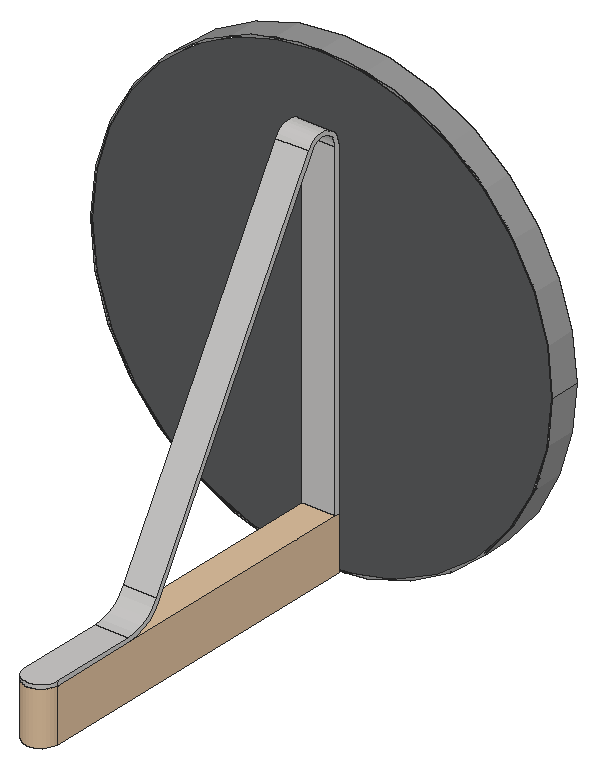
Revit family "Artek_Shelving_Kaari Wall Shelf_Kaari REB007", category Furniture, host Face, Revit 2017
Family settings
  Host = Face
  OmniClass Number = 23.40.20.27
  OmniClass Title = Storage Shelving
  Cut with Voids When Loaded = No
  Shared = No
  Room Calculation Point = No
Parameters (values of type "Kaari Shelf REB007 - Black")
  WarrantyStartDate [instance] = "n/a"
  WarrantyGuarantorParts = "n/a"
  WarrantyGuarantorLabor = "n/a"
  WarrantyDurationUnit = "Years"
  WarrantyDurationParts = "n/a"
  WarrantyDurationLabor = "n/a"
  WarrantyDescription = "n/a"
  VersionDate = "11/3/2020"  # constant formula
  Version = "1"  # constant formula
  Uniclass2015Reference = "Pr_40_30_78_77"
  Uniclass2015Description = "Shelf units"
  Uniclass2 = "Pr_40_30_78_77"
  URL = "https://www.artek.fi/en/products/kaari-wall-shelf-round"
  Type Comments = ""
  TagNumber [instance] = "n/a"
  SustainabilityPerformance = "n/a"
  Style = "n/a"
  Size = "350x300x350 mm"
  ShelfTopMaterial = Linoleum black
  ShelfFrameMaterial = ABS
  Shape = "Sculptured"
  SerialNumber [instance] = "n/a"
  Revision = "n/a"
  ReplacementCost = "n/a"
  ProductInformation = "n/a"
  Product data url = ""
  NominalWidth = 350 mm
  NominalHeight = 350 mm
  NominalDepth = 299.885 mm
  Name = "Kaari REB007"
  NBSReference = "45-35-80/310"
  NBSDescription = "Shelf units"
  ModelReference = "n/a"
  ModelNumber = "28503212"
  Model = "Kaari Shelf REB007 - Black"
  Material = "Wood/Steel"
  ManufacturerURL = "https://www.artek.fi/"
  ManufacturerName = "Artek"
  Manufacturer = "Artek"
  MainColor = "Black"
  LegsMaterial = Natural oak, with protective varnish
  InstallationDate [instance] = "n/a"
  IfcExportType = "SHELF"  # constant formula
  IfcExportAs = "IfcFurnitureType"  # constant formula
  Grade = "n/a"
  Finish = "n/a"
  Features = "n/a"
  ExpectedLife = "n/a"
  DurationUnit = "Years"
  Designer = "Ronan & Erwan Bouroullec"
  Description = ""
  Default Elevation = 0 mm
  ConvergoRefNr = "0190-2009-0040-FI"  # constant formula
  Constituents = "n/a"
  Color = "Black"
  Collection = "Kaari Collection"
  CodePerformance = "n/a"
  Category = "Shelving"
  Brand = "Artek"
  Barcode [instance] = "n/a"
  BIMObjectName = "Artek_Shelving_Kaari Wall Shelf round_Kaari REB007"  # constant formula
  Author = "Convergo AB"  # constant formula
  AssetType = "Movable"
  AssetIdentifier [instance] = "n/a"
  Assembly Code = ""
  AccessibilityPerformance = "n/a"
Types (4, lengths in mm): name | ShelfTopMaterial | ShelfFrameMaterial | ModelNumber | Model | MainColor | LegsMaterial | Color | Category
  (no name) | Linoleum black | ABS | "28503212" | "Kaari Shelf REB007 - Black" | "Black" | Natural oak, with protective varnish | "Black" | "Shelving"
  Kaari Shelf REB007 - Blue | Linoleum blue | ABS Red | "28503215" | "Kaari Shelf REB007 - Blue" | "Blue" | Black oak | "Blue" | "Shelves"
  Kaari Shelf REB007 - Black | Linoleum black | ABS | "28503212" | "Kaari Shelf REB007 - Black" | "Black" | Natural oak, with protective varnish | "Black" | "Shelving"
  Kaari Shelf REB007 - Red | Linoleum red | ABS | "28503214" | "Kaari Shelf REB007 - Red" | "Red" | Black oak | "Red" | "Shelves"
Reference planes
  plane 1 "Center (Front/Back)": y = 0
  plane 2: z = 0
  plane 3 "Center (Left/Right)": x = 0
  plane 4: y = 149.943
  plane 5: y = -149.943
  plane 6: x = -175
  plane 7: x = 175
  plane 8: z = 350
Dimensions and locks
  equal spacing: plane 5, plane 1 "Center (Front/Back)", plane 4
  "NominalDepth": plane 5 to plane 4
  equal spacing: plane 6, plane 3 "Center (Left/Right)", plane 7
  "NominalHeight": plane 6 to plane 7
  "NominalWidth": plane 8 to level
  aligned and locked: plane 2 to host face
  aligned and locked: level to host face
Automatic sketch dimensions
  host sketch curve to host sketch curve = 2438.4 mm  (x2)
Nested families
  nested 1: "kaari_shelf_reb007" at (0, -149.943, 175) x (-1, 0, 0) z (0, 1, 0), Legs <- "LegsMaterial", Shelf <- "ShelfTopMaterial", ShelfFrame <- "ShelfFrameMaterial", type "kaari_shelf_reb007"
    with ShelfFrame ABS, Shelf Linoleum black, LegsFrame Flat rolled steel, Legs Natural oak, with protective varnish
Definition of nested family "kaari_shelf_reb007"
  Parameters (values of type "kaari_shelf_reb007")
    ShelfFrame [instance] = none
    Shelf [instance] = none
    LegsFrame [instance] = none
    Legs [instance] = none
    Default Elevation = 1219.2 mm
  Reference planes
    plane 1 "Center (Front/Back)": y = 0
    plane 2: z = 0
    plane 3 "Center (Left/Right)": x = 0
  Forms (mm)
    Extrusion 1, solid, material <- "LegsFrame", detail levels medium+fine
      sketch origin (0, 0, 0) x (0, 1, 0) y (0, 0, 1)
        loop
          line (132, 0) -> (135, 0) -> (135, 80.052)
          arc (135, 80.052) -> (130.734, 96.256) -> (119.041, 108.259) r 32.908
          line (119.041, 108.259) -> (-121.061, 252.527)
          arc (-121.061, 252.527) -> (-126.465, 266.072) -> (-114.856, 274.9) r 12.047
          line (-114.856, 274.9) -> (135, 274.9) -> (135, 277.885) -> (-115.001, 277.885)
          arc (-115.001, 277.885) -> (-129.455, 266.894) -> (-122.726, 250.027) r 15
          line (-122.726, 250.027) -> (116.879, 106.059)
          arc (116.879, 106.059) -> (127.958, 94.686) -> (132, 79.333) r 31.179
          line (132, 79.333) -> (132, 0)
      from -12.5 to 12.5
    Extrusion 2, solid, material <- "Legs", detail levels medium+fine
      sketch origin (1.698, 0, 2.863) x (1, 0, 0) y (0, 0, 1)
        loop
          line (-14.198, 275.022) -> (-14.198, 9.637)
          arc (-14.198, 9.637) -> (-1.698, -2.863) -> (10.802, 9.637) r 12.5
          line (10.802, 9.637) -> (10.802, 275.022) -> (-14.198, 275.022)
      from -175 to -135
    Extrusion 3, solid, material <- "Shelf", detail levels medium+fine
      sketch origin (0, 0, 0) x (1, 0, 0) y (0, 1, 0)
        loop
          circle (0, 0) r 173.997
      from 277.885 to 299.885
    Extrusion 4, solid, material <- "ShelfFrame", detail levels medium+fine
      sketch origin (0, 0, 0) x (1, 0, 0) y (0, 1, 0)
        loop
          circle (0, 0) r 173.997
        loop
          circle (0, 0) r 175
      from 277.885 to 299.885
    Extrusion 5, void
      sketch origin (0, 0, 0) x (1, 0, 0) y (0, 0, 1)
        loop
          line (-12.5, 12.5) -> (-17.5, 12.5) -> (-17.5, -3.906) -> (17.5, -3.906) -> (17.5, 12.5) -> (12.5, 12.5)
          arc (12.5, 12.5) -> (0, 0) -> (-12.5, 12.5) r 12.5
      from -229.755 to -92.574
    Extrusion 6, solid, material <- "Shelf", detail levels coarse
      sketch origin (0, 0, 0) x (1, 0, 0) y (0, 1, 0)
        loop
          line (-175, 0) -> (-175, -175) -> (0, -175) -> (175, -175) -> (175, 0) -> (175, 175) -> (0, 175) -> (-175, 175) -> (-175, 0)
      from 0 to 299.885
  Cuts and joins
    Extrusion 5 cuts Extrusion 1
  Lines and regions (mm)
    symbolic lines, detail levels medium+fine
      curve 1: line (-37.6, 0, 299.885) -> (-175, 0, 299.885)
      curve 2: line (-175, 0, 299.885) -> (-175, 0, 277.885)
      curve 3: line (-175, 0, 277.885) -> (-12.5, 0, 277.885)
      curve 4: line (-12.5, 0, 277.885) -> (-12.5, 0, 12.5)
      curve 5: line (12.5, 0, 12.5) -> (12.5, 0, 277.885)
      curve 8: line (-37.6, 0, 299.885) -> (12.6, 0, 299.885)
      curve 9: arc (-12.5, 0, 12.5) -> (0, 0, 0) -> (12.5, 0, 12.5) r 12.5
      curve 10: line (0, 175, 0) -> (0, 175, 299.885)
      curve 11: line (0, 132, 80) -> (0, 132, 0)
      curve 12: line (0, 175, 0) -> (0, 132, 0)
      curve 14: line (0, 175, 299.885) -> (0, -175, 299.885)
      curve 15: line (0, -175, 277.885) -> (0, -175, 299.885)
      curve 16: line (0, -115, 277.885) -> (0, -175, 277.885)
      curve 17: arc (0, -115.001, 277.885) -> (0, -129.455, 266.894) -> (0, -122.726, 250.027) r 15
      curve 18: line (0, -122.726, 250.027) -> (0, 116.879, 106.059)
      curve 19: arc (0, 116.879, 106.059) -> (0, 127.958, 94.686) -> (0, 132, 79.333) r 31.179
      curve 20: line (0, 132, 79.333) -> (0, 132, 0)
      curve 27: line (37.6, 0, 299.885) -> (175, 0, 299.885)
      curve 28: line (175, 0, 299.885) -> (175, 0, 277.885)
      curve 29: line (175, 0, 277.885) -> (12.5, 0, 277.885)
      curve 30: line (12.5, 0, 277.885) -> (12.5, 0, 12.5)
      curve 31: line (-12.5, 0, 12.5) -> (-12.5, 0, 277.885)
      curve 34: line (37.6, 0, 299.885) -> (12.6, 0, 299.885)
      curve 35: arc (12.5, 0, 12.5) -> (0, 0, 0) -> (-12.5, 0, 12.5) r 12.5
      curve 36: circle (0, 0, 0) r 175 normal (0, 0, 1)
    symbolic lines, detail levels fine
      curve 6: line (-12.5, 0, 277.885) -> (12.5, 0, 277.885)
      curve 7: line (12.5, 0, 277.885) -> (0, 0, 277.885)
      curve 13: line (0, 135, 274.9) -> (0, 135, 0)
      curve 21: arc (0, 135, 80.052) -> (0, 130.734, 96.256) -> (0, 119.041, 108.259) r 32.908
      curve 22: line (0, 119.041, 108.259) -> (0, -121.061, 252.527)
      curve 23: arc (0, -121.061, 252.527) -> (0, -126.465, 266.072) -> (0, -114.856, 274.9) r 12.047
      curve 24: line (0, -114.856, 274.9) -> (0, 135, 274.9)
      curve 25: line (0, 135, 274.9) -> (0, 135, 277.885)
      curve 26: line (0, -115.001, 277.885) -> (0, 175, 277.885)
      curve 32: line (12.5, 0, 277.885) -> (-12.5, 0, 277.885)
      curve 33: line (-12.5, 0, 277.885) -> (0, 0, 277.885)
  Dimensions and locks
    aligned and locked: level to plane 2
  Automatic sketch dimensions
    curve 20 to level = 0 mm
    curve 11 to level = 0 mm
    plane 1 "Center (Front/Back)" to curve 15 = 175 mm
    curve 15 to curve 18 = 52.274 mm
    curve 17 to curve 22 = 1.665 mm
    curve 22 to curve 26 = 6.06 mm
    curve 26 to curve 24 = 0.144 mm
    curve 19 to plane 1 "Center (Front/Back)" = 100.821 mm
    curve 19 to curve 21 = 1.271 mm
    curve 21 to curve 18 = 14.787 mm
    curve 18 to curve 22 = 2.162 mm
    curve 21 to curve 20 = 29.908 mm
    curve 20 to curve 11 = 0 mm
    curve 25 to plane 1 "Center (Front/Back)" = 135 mm
    curve 13 to curve 12 = 40 mm
    level to curve 20 = 79.333 mm
    curve 19 to curve 21 = 0.719 mm
    curve 18 to curve 22 = 2.201 mm
    level to curve 18 = 250.027 mm
    curve 17 to curve 22 = 2.5 mm
    curve 22 to curve 23 = 10.326 mm
    curve 23 to curve 17 = 0.032 mm
    curve 17 to curve 16 = 27.858 mm
    curve 15 to curve 15 = 22 mm
    curve 26 to curve 16 = 0.001 mm
    curve 19 to curve 11 = 0.667 mm
    Extrusion 1 sketch curve to level = 0 mm
    plane 1 "Center (Front/Back)" to Extrusion 1 sketch curve = 122.726 mm
    Extrusion 1 sketch curve to Extrusion 1 sketch curve = 1.665 mm
    Extrusion 1 sketch curve to Extrusion 1 sketch curve = 6.06 mm
    Extrusion 1 sketch curve to Extrusion 1 sketch curve = 0.144 mm
    Extrusion 1 sketch curve to plane 1 "Center (Front/Back)" = 100.821 mm
    Extrusion 1 sketch curve to Extrusion 1 sketch curve = 1.271 mm
    Extrusion 1 sketch curve to Extrusion 1 sketch curve = 14.787 mm
    Extrusion 1 sketch curve to Extrusion 1 sketch curve = 2.162 mm
    Extrusion 1 sketch curve to Extrusion 1 sketch curve = 31.179 mm
    Extrusion 1 sketch curve to Extrusion 1 sketch curve = 3 mm
    Extrusion 1 sketch curve to plane 1 "Center (Front/Back)" = 135 mm
    level to Extrusion 1 sketch curve = 79.333 mm
    Extrusion 1 sketch curve to Extrusion 1 sketch curve = 0.719 mm
    level to Extrusion 1 sketch curve = 250.027 mm
    Extrusion 1 sketch curve to Extrusion 1 sketch curve = 2.5 mm
    Extrusion 1 sketch curve to Extrusion 1 sketch curve = 0.032 mm
    Extrusion 2 sketch curve to plane 3 "Center (Left/Right)" = 12.5 mm
    Extrusion 2 sketch curve to Extrusion 2 sketch curve = 12.5 mm
    level to Extrusion 2 sketch curve = 12.5 mm
    Extrusion 2 sketch curve to Extrusion 2 sketch curve = 265.385 mm
    curve 1 to plane 3 "Center (Left/Right)" = 175 mm
    curve 1 to plane 3 "Center (Left/Right)" = 37.6 mm
    curve 31 to plane 3 "Center (Left/Right)" = 12.5 mm
    curve 31 to curve 4 = 0 mm
    curve 35 to plane 3 "Center (Left/Right)" = 0 mm
    plane 3 "Center (Left/Right)" to curve 9 = 0 mm
    plane 3 "Center (Left/Right)" to curve 33 = 0 mm
    curve 5 to curve 34 = 25.1 mm
    curve 27 to curve 27 = 137.4 mm
    level to curve 35 = 12.5 mm
    curve 9 to curve 35 = 0 mm
    curve 9 to curve 6 = 265.385 mm
    curve 31 to curve 8 = 22 mm
    plane 3 "Center (Left/Right)" to curve 8 = 12.6 mm
    plane 1 "Center (Front/Back)" to Extrusion 3 sketch curve = 0 mm
    Extrusion 3 sketch curve to plane 3 "Center (Left/Right)" = 0 mm
    Extrusion 4 sketch curve to Extrusion 4 sketch curve = 0 mm  (x2)
    plane 1 "Center (Front/Back)" to Extrusion 4 sketch curve = 0 mm
    Extrusion 4 sketch curve to plane 3 "Center (Left/Right)" = 0 mm
    Extrusion 5 sketch curve to plane 3 "Center (Left/Right)" = 17.5 mm
    Extrusion 5 sketch curve to Extrusion 5 sketch curve = 5 mm
    plane 3 "Center (Left/Right)" to Extrusion 5 sketch curve = 0 mm
    Extrusion 5 sketch curve to level = 3.906 mm
    plane 3 "Center (Left/Right)" to Extrusion 5 sketch curve = 17.5 mm
    level to Extrusion 5 sketch curve = 12.5 mm
    plane 1 "Center (Front/Back)" to Extrusion 6 sketch curve = 0 mm  (x2)
    Extrusion 6 sketch curve to plane 3 "Center (Left/Right)" = 175 mm
    plane 3 "Center (Left/Right)" to Extrusion 6 sketch curve = 0 mm  (x2)
    Extrusion 6 sketch curve to Extrusion 6 sketch curve = 175 mm
    plane 1 "Center (Front/Back)" to Extrusion 6 sketch curve = 175 mm
    Extrusion 6 sketch curve to plane 1 "Center (Front/Back)" = 175 mm
    plane 1 "Center (Front/Back)" to curve 36 = 0 mm
    curve 36 to plane 3 "Center (Left/Right)" = 0 mm
    radius of Extrusion 3 sketch curve = 173.997 mm
    radius of Extrusion 4 sketch curve = 173.997 mm
    radius of Extrusion 4 sketch curve = 175 mm
    radius of curve 36 = 175 mm
